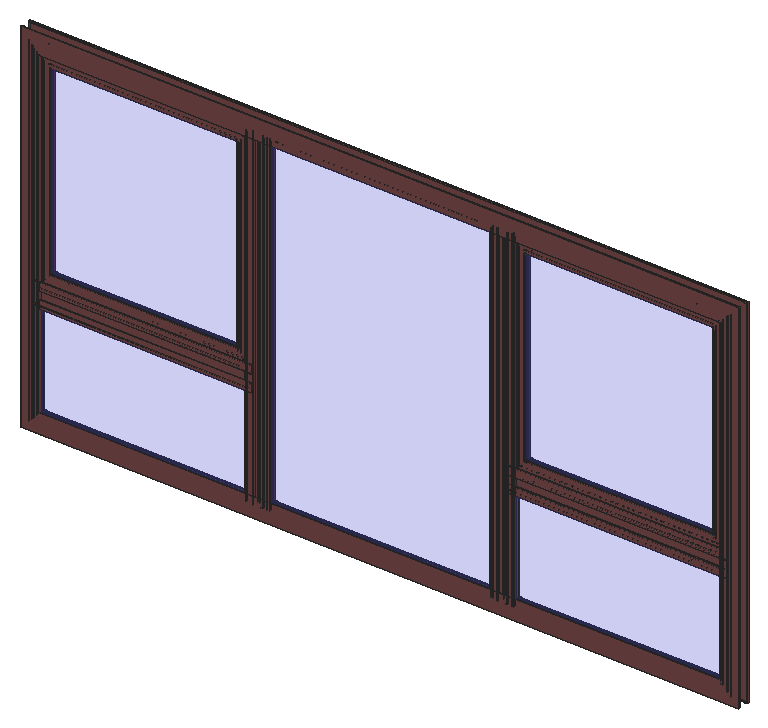
Revit family "PTT, PSS, 189, 1815, 2115, 2415, 1818, 2118, 2418 ", category Windows, host Wall, Revit 2016
Family settings
  Host = Wall
  OmniClass Number = 23.30.20.00
  OmniClass Title = Windows
  Always vertical = Yes
  Cut with Voids When Loaded = No
  Shared = No
  Room Calculation Point = No
Parameters (values of type "PTT Type -189")
  URL = "http://www.robmeg.co.za/"
  Top hung = yes
  Side hung = no
  Rough Height = 1219.2 mm
  Plaster = 5 mm
  Model = "PTT 189"
  Manufacturer = "Robmeg"  # constant formula
  Height = 910 mm
  Glazing = Glass
  Description = "Anodized Aluminium"
  Default Sill Height = 914.4 mm
  Wall Closure = By host
  Width = 1810 mm
  Centre vert mullion = 610 mm
  Centre fixed glass width = 4 mm
  Bottom mullion height = 300 mm
  Bottom fixed glass width = 4 mm
  Author = "Inside"
  Aluminium anodized = Aluminium
Types (8, lengths in mm): name | Top hung | Side hung | Model | Height | Description | Width | Centre fixed glass width | Bottom mullion height | Bottom fixed glass width
  (no name) | yes | no | "PTT 189" | 910 | "Anodized Aluminium" | 1810 | 4 | 300 | 4
  PTT Type -189 | yes | no | "PTT 189" | 910 | "Anodized Aluminium" | 1810 | 4 | 300 | 4
  PSS Type- 1815 | no | yes | "PSS 1815" | 1510 | "Anodized Aluminium" | 1810 | 4 | 300 | 4
  PSS Type- 2115 | no | yes | "PSS 2115" | 1510 | "Anodized Aluminium" | 2110 | 4 | 300 | 4
  PSS Type- 2415 | no | yes | "PSS 2415" | 1510 | "Anodized Aluminium" | 2410 | 4 | 300 | 4
  PSS Type- 1818 | no | yes | "PSS 1818" | 1810 | "Anodized Aluminium" | 1810 | 6 | 605 | 6
  PSS Type- 2118 | no | yes | "PSS 2118" | 1810 | "Anodized Aluminium" | 2110 | 6 | 605 | 6
  PSS Type- 2418 | no | yes | "PSS 2418" | 1810 | "Anodized aluminium" | 2410 | 6 | 605 | 6
Reference planes
  plane 1 "Center (Front/Back)": y = 0
  plane 2: z = 0
  plane 3 "Center (Left/Right)": x = 0
  plane 4 "Left": x = -905
  plane 5 "Right": x = 905
  plane 6 "Sill": z = 914.4
  plane 7 "Top": z = 1824.4
  plane 8: x = -900
  plane 9: z = 1819.4
  plane 10: z = 919.4
  plane 11: x = 900
  plane 12 "Glass start": y = 1
  plane 13 "Glass end": y = -3
  plane 14: z = 1519.4
  plane 15: x = 597.5
  plane 16: x = 290
  plane 17: x = -290
  plane 18: x = -597.5
  plane 19: z = 1214.4
Forms (mm)
  Sweep 1, solid, material "Aluminium" <- "Aluminium anodized"
    path origin (0, 0, 0) x (1, 0, 0) y (0, 0, 1)
      loop
        line (900, 1819.4) -> (-900, 1819.4) -> (-900, 919.4) -> (900, 919.4) -> (900, 1819.4)
    profile "51741 : 51741" origin (0, 0, 1819.4) x (0, 0, -1) y (0, -1, 0)
      loop
        line (26.815, -14.05) -> (20.535, -14.05) -> (20.535, -10.19) -> (21.815, -10.19) -> (21.815, -7.3) -> (19.535, -7.3) -> (19.535, -14.05) -> (1.135, -14.05) -> (1.135, -10.95)
        arc (1.135, -10.95) -> (0.286, -11.301) -> (-0.065, -12.15) r 1.2
        line (-0.065, -12.15) -> (-0.065, -15.25) -> (30.515, -15.25) -> (30.515, -12.384) -> (28.015, -13.827) -> (28.015, 14.05) -> (29.515, 14.05) -> (29.515, 11.75)
        arc (29.515, 11.75) -> (30.015, 11.25) -> (30.515, 11.75) r 0.5
        line (30.515, 11.75) -> (30.515, 14.05) -> (39.515, 14.05) -> (39.515, 11.65) -> (41.896, 11.65) -> (41.896, 12.85) -> (40.715, 12.85) -> (40.715, 14.05) -> (46.215, 14.05) -> (46.215, 12.85) -> (45.215, 12.85) -> (45.215, 11.65) -> (47.415, 11.65) -> (47.415, 15.25) -> (-0.065, 15.25) -> (-0.065, 12.15)
        arc (-0.065, 12.15) -> (0.334, 11.455) -> (1.135, 11.45) r 0.804
        line (1.135, 11.45) -> (1.135, 14.05) -> (19.535, 14.05) -> (19.535, 7.3) -> (21.815, 7.3) -> (21.815, 10.19) -> (20.535, 10.19) -> (20.535, 14.05) -> (26.815, 14.05) -> (26.815, -14.05)
  Sweep 2, solid, material "Aluminium" <- "Aluminium anodized"
    path origin (0, 0, 0) x (1, 0, 0) y (0, 0, 1)
      loop
        line (900, 1819.4) -> (290, 1819.4) -> (290, 1214.4) -> (900, 1214.4) -> (900, 1819.4)
    profile "H10197 : H10197" origin (595, 0, 1819.4) x (0, 0, -1) y (0, -1, 0)
      loop
        line (43.095, 8.408) -> (43.095, -19.692) -> (49.375, -19.692) -> (49.375, -14.812)
        arc (49.375, -14.812) -> (48.125, -13.562) -> (49.375, -12.312) r 1.25
        line (49.375, -12.312) -> (49.375, 1.008)
        arc (49.375, 1.008) -> (48.125, 2.258) -> (49.375, 3.508) r 1.25
        line (49.375, 3.508) -> (49.375, 8.408) -> (43.095, 8.408)
      loop
        line (41.895, 8.128) -> (41.895, -5.218) -> (41.895, -19.692) -> (40.495, -19.692) -> (40.495, -17.512)
        arc (40.495, -17.512) -> (39.995, -17.012) -> (39.495, -17.512) r 0.5
        line (39.495, -17.512) -> (39.495, -19.692) -> (30.495, -19.692) -> (30.495, -17.492) -> (28.345, -17.492)
        arc (28.345, -17.492) -> (27.845, -17.992) -> (28.345, -18.492) r 0.5
        line (28.345, -18.492) -> (29.295, -18.492) -> (29.295, -19.692) -> (23.795, -19.692) -> (23.795, -18.378) -> (24.706, -18.378)
        arc (24.706, -18.378) -> (25.206, -17.878) -> (24.706, -17.378) r 0.5
        line (24.706, -17.378) -> (23.784, -17.378)
        arc (23.784, -17.378) -> (23.137, -16.895) -> (22.595, -17.493) r 0.6
        line (22.595, -17.493) -> (22.595, -20.892) -> (53.175, -20.892) -> (53.175, -18.892)
        arc (53.175, -18.892) -> (51.875, -18.322) -> (50.575, -18.892) r 1.767
        line (50.575, -18.892) -> (50.575, -6.066) -> (50.575, 7.908)
        arc (50.575, 7.908) -> (51.375, 8.708) -> (52.175, 7.908) r 0.8
        line (52.175, 7.908) -> (52.175, 6.228)
        arc (52.175, 6.228) -> (52.675, 5.728) -> (53.175, 6.228) r 0.5
        line (53.175, 6.228) -> (53.175, 8.408) -> (62.175, 8.408) -> (62.175, 6.208) -> (64.325, 6.208)
        arc (64.325, 6.208) -> (64.825, 6.708) -> (64.325, 7.208) r 0.5
        line (64.325, 7.208) -> (63.375, 7.208) -> (63.375, 8.408) -> (68.875, 8.408) -> (68.875, 7.208) -> (67.925, 7.208)
        arc (67.925, 7.208) -> (67.425, 6.708) -> (67.925, 6.208) r 0.5
        line (67.925, 6.208) -> (68.875, 6.208)
        arc (68.875, 6.208) -> (69.474, 5.608) -> (70.075, 6.207) r 0.6
        line (70.075, 6.207) -> (70.075, 9.608) -> (39.495, 9.608) -> (39.495, 6.742) -> (41.895, 8.128)
  Sweep 3, solid, material "Aluminium" <- "Aluminium anodized"
    path origin (0, 0, 0) x (1, 0, 0) y (0, 0, 1)
      loop
        line (290, 1819.4) -> (290, 1214.4) -> (900, 1214.4) -> (900, 1819.4) -> (290, 1819.4)
    profile "glazing gasket : glazing gasket" origin (290, 0, 1516.9) x (1, 0, 0) y (0, -1, 0)
      loop
        line (53.254, -17.23) -> (53.254, -20.244) -> (69.855, -5.509)
        arc (69.855, -5.509) -> (69.76, -4.756) -> (69.092, -5.117) r 0.46
        line (69.092, -5.117) -> (67.564, -6.473) -> (66.198, -4.108) -> (65.274, -4.108) -> (66.736, -6.639) -> (61.74, -6.639) -> (63.22, -4.077) -> (51.988, -4.077) -> (51.988, 8.186) -> (51.188, 8.186) -> (51.188, -4.877) -> (61.834, -4.877) -> (60.355, -7.439) -> (66.475, -7.439) -> (54.054, -18.464) -> (54.054, -15.845) -> (50.954, -17.634) -> (50.954, -18.558) -> (53.254, -17.23)
  Extrusion 4, solid, material "Glass" <- "Glazing"
    sketch origin (0, 0, 914.4) x (0, -1, 0) y (1, 0, 0)
      loop
        line (-1, 344.054) -> (3, 344.054) -> (3, 845.946) -> (-1, 845.946) -> (-1, 344.054)
    from 354.054 to 850.946
  Sweep 5, solid, material "Aluminium" <- "Aluminium anodized"
    path origin (0, 0, 0) x (1, 0, 0) y (0, 0, 1)
      loop
        line (290, 949.915) -> (290, 1788.885)
    profile "H10196 : H10196" origin (290, 0, 1369.4) x (-1, 0, 0) y (0, -1, 0)
      loop
        line (-26.642, -14.247) -> (-6.442, -14.247) -> (-6.442, -4.217)
        arc (-6.442, -4.217) -> (-6.571, -3.479) -> (-7.319, -3.432) r 0.606
        arc (-7.319, -3.432) -> (-9.371, -3.891) -> (-11.294, -3.04) r 3.36
        arc (-11.294, -3.04) -> (-11.351, -1.925) -> (-10.235, -1.868) r 0.79
        arc (-10.235, -1.868) -> (-7.262, -0.547) -> (-10.235, 0.774) r 1.78
        arc (-10.235, 0.774) -> (-11.351, 0.83) -> (-11.294, 1.946) r 0.79
        arc (-11.294, 1.946) -> (-9.49, 2.783) -> (-7.529, 2.453) r 3.36
        arc (-7.529, 2.453) -> (-6.798, 2.484) -> (-6.442, 3.123) r 0.75
        line (-6.442, 3.123) -> (-6.442, 9.653) -> (-26.642, 9.653) -> (-26.642, 3.123)
        arc (-26.642, 3.123) -> (-26.285, 2.484) -> (-25.554, 2.453) r 0.75
        arc (-25.554, 2.453) -> (-23.593, 2.783) -> (-21.789, 1.946) r 3.36
        arc (-21.789, 1.946) -> (-21.733, 0.83) -> (-22.848, 0.774) r 0.79
        arc (-22.848, 0.774) -> (-25.822, -0.547) -> (-22.848, -1.868) r 1.78
        arc (-22.848, -1.868) -> (-21.733, -1.925) -> (-21.789, -3.04) r 0.79
        arc (-21.789, -3.04) -> (-23.593, -3.877) -> (-25.554, -3.548) r 3.36
        arc (-25.554, -3.548) -> (-26.285, -3.579) -> (-26.642, -4.217) r 0.75
        line (-26.642, -4.217) -> (-26.642, -14.247)
      loop
        line (-30.542, -15.547) -> (-2.542, -15.547) -> (-2.542, -12.681) -> (-5.142, -14.182) -> (-5.142, -2.597) -> (-5.942, -1.797) -> (-5.942, 0.903) -> (-5.142, 1.503) -> (-5.142, 13.153)
        arc (-5.142, 13.153) -> (-4.342, 13.653) -> (-3.542, 13.153) r 0.89
        line (-3.542, 13.153) -> (-3.542, 11.653)
        arc (-3.542, 11.653) -> (-3.042, 11.153) -> (-2.542, 11.653) r 0.5
        line (-2.542, 11.653) -> (-2.542, 13.653) -> (6.258, 13.653) -> (6.258, 11.604) -> (8.477, 11.604)
        arc (8.477, 11.604) -> (8.933, 12.012) -> (8.508, 12.453) r 0.425
        line (8.508, 12.453) -> (7.558, 12.453) -> (7.558, 13.653) -> (13.058, 13.653) -> (13.058, 12.453) -> (12.108, 12.453)
        arc (12.108, 12.453) -> (11.683, 12.028) -> (12.108, 11.603) r 0.425
        line (12.108, 11.603) -> (13.058, 11.603)
        arc (13.058, 11.603) -> (13.708, 10.953) -> (14.358, 11.603) r 0.65
        line (14.358, 11.603) -> (14.358, 14.953) -> (-6.442, 14.953) -> (-6.442, 10.953) -> (-26.642, 10.953) -> (-26.642, 14.953) -> (-47.442, 14.953) -> (-47.442, 11.603)
        arc (-47.442, 11.603) -> (-46.792, 10.953) -> (-46.142, 11.603) r 0.65
        line (-46.142, 11.603) -> (-45.192, 11.603)
        arc (-45.192, 11.603) -> (-44.767, 12.028) -> (-45.192, 12.453) r 0.425
        line (-45.192, 12.453) -> (-46.142, 12.453) -> (-46.142, 13.653) -> (-40.642, 13.653) -> (-40.642, 12.453) -> (-41.592, 12.453)
        arc (-41.592, 12.453) -> (-42.016, 12.012) -> (-41.56, 11.604) r 0.425
        line (-41.56, 11.604) -> (-39.342, 11.604) -> (-39.342, 13.653) -> (-30.542, 13.653) -> (-30.542, 11.653)
        arc (-30.542, 11.653) -> (-30.042, 11.153) -> (-29.542, 11.653) r 0.5
        line (-29.542, 11.653) -> (-29.542, 13.153)
        arc (-29.542, 13.153) -> (-28.742, 13.653) -> (-27.942, 13.153) r 0.89
        line (-27.942, 13.153) -> (-27.942, 1.503) -> (-27.142, 0.903) -> (-27.142, -1.997) -> (-27.942, -2.597) -> (-27.942, -14.182) -> (-30.542, -12.681) -> (-30.542, -15.547)
  Extrusion 6, solid, material "Glass" <- "Glazing"
    sketch origin (-540.855, -3, 1219.2) x (-1, 0, 0) y (0, 0, 1)
      loop
        line (-830.855, 568.528) -> (-830.855, -268.128) -> (-249.312, -268.128) -> (-249.312, 568.528) -> (-830.855, 568.528)
    from 0 to -4
  Sweep 7, solid, material "Aluminium" <- "Aluminium anodized"
    path origin (0, 0, 0) x (-1, 0, 0) y (0, 0, 1)
      loop
        line (290, 950.12) -> (290, 1788.68)
    profile "H10196 : H10196" origin (-290, 0, 1369.4) x (-1, 0, 0) y (0, -1, 0)
      loop
        line (26.6, -14.247) -> (26.6, -4.217)
        arc (26.6, -4.217) -> (26.243, -3.579) -> (25.512, -3.548) r 0.75
        arc (25.512, -3.548) -> (23.551, -3.877) -> (21.747, -3.04) r 3.36
        arc (21.747, -3.04) -> (21.691, -1.925) -> (22.807, -1.868) r 0.79
        arc (22.807, -1.868) -> (25.78, -0.547) -> (22.807, 0.774) r 1.78
        arc (22.807, 0.774) -> (21.691, 0.83) -> (21.747, 1.946) r 0.79
        arc (21.747, 1.946) -> (23.551, 2.783) -> (25.512, 2.453) r 3.36
        arc (25.512, 2.453) -> (26.243, 2.484) -> (26.6, 3.123) r 0.75
        line (26.6, 3.123) -> (26.6, 9.653) -> (6.4, 9.653) -> (6.4, 3.123)
        arc (6.4, 3.123) -> (6.757, 2.484) -> (7.488, 2.453) r 0.75
        arc (7.488, 2.453) -> (9.449, 2.783) -> (11.253, 1.946) r 3.36
        arc (11.253, 1.946) -> (11.309, 0.83) -> (10.193, 0.774) r 0.79
        arc (10.193, 0.774) -> (7.22, -0.547) -> (10.193, -1.868) r 1.78
        arc (10.193, -1.868) -> (11.309, -1.925) -> (11.253, -3.04) r 0.79
        arc (11.253, -3.04) -> (9.329, -3.891) -> (7.277, -3.432) r 3.36
        arc (7.277, -3.432) -> (6.53, -3.479) -> (6.4, -4.217) r 0.606
        line (6.4, -4.217) -> (6.4, -14.247) -> (26.6, -14.247)
      loop
        line (30.5, -15.547) -> (30.5, -12.681) -> (27.9, -14.182) -> (27.9, -2.597) -> (27.1, -1.997) -> (27.1, 0.903) -> (27.9, 1.503) -> (27.9, 13.153)
        arc (27.9, 13.153) -> (28.7, 13.653) -> (29.5, 13.153) r 0.89
        line (29.5, 13.153) -> (29.5, 11.653)
        arc (29.5, 11.653) -> (30, 11.153) -> (30.5, 11.653) r 0.5
        line (30.5, 11.653) -> (30.5, 13.653) -> (39.3, 13.653) -> (39.3, 11.604) -> (41.518, 11.604)
        arc (41.518, 11.604) -> (41.975, 12.012) -> (41.55, 12.453) r 0.425
        line (41.55, 12.453) -> (40.6, 12.453) -> (40.6, 13.653) -> (46.1, 13.653) -> (46.1, 12.453) -> (45.15, 12.453)
        arc (45.15, 12.453) -> (44.725, 12.028) -> (45.15, 11.603) r 0.425
        line (45.15, 11.603) -> (46.1, 11.603)
        arc (46.1, 11.603) -> (46.75, 10.953) -> (47.4, 11.603) r 0.65
        line (47.4, 11.603) -> (47.4, 14.953) -> (26.6, 14.953) -> (26.6, 10.953) -> (6.4, 10.953) -> (6.4, 14.953) -> (-14.4, 14.953) -> (-14.4, 11.603)
        arc (-14.4, 11.603) -> (-13.75, 10.953) -> (-13.1, 11.603) r 0.65
        line (-13.1, 11.603) -> (-12.15, 11.603)
        arc (-12.15, 11.603) -> (-11.725, 12.028) -> (-12.15, 12.453) r 0.425
        line (-12.15, 12.453) -> (-13.1, 12.453) -> (-13.1, 13.653) -> (-7.6, 13.653) -> (-7.6, 12.453) -> (-8.55, 12.453)
        arc (-8.55, 12.453) -> (-8.975, 12.012) -> (-8.518, 11.604) r 0.425
        line (-8.518, 11.604) -> (-6.3, 11.604) -> (-6.3, 13.653) -> (2.5, 13.653) -> (2.5, 11.653)
        arc (2.5, 11.653) -> (3, 11.153) -> (3.5, 11.653) r 0.5
        line (3.5, 11.653) -> (3.5, 13.153)
        arc (3.5, 13.153) -> (4.3, 13.653) -> (5.1, 13.153) r 0.89
        line (5.1, 13.153) -> (5.1, 1.503) -> (5.9, 0.903) -> (5.9, -1.797) -> (5.1, -2.597) -> (5.1, -14.182) -> (2.5, -12.681) -> (2.5, -15.547) -> (30.5, -15.547)
  Sweep 8, solid, material "Aluminium" <- "Aluminium anodized"
    path origin (0, 0, 0) x (-1, 0, 0) y (0, 0, 1)
      loop
        line (900, 1819.4) -> (290, 1819.4) -> (290, 1214.4) -> (900, 1214.4) -> (900, 1819.4)
    profile "H10197 : H10197" origin (-595, 0, 1819.4) x (0, 0, 1) y (0, -1, 0)
      loop
        line (-43.084, 9.466) -> (-49.364, 9.466) -> (-49.364, 4.566)
        arc (-49.364, 4.566) -> (-48.114, 3.316) -> (-49.364, 2.066) r 1.25
        line (-49.364, 2.066) -> (-49.364, -11.254)
        arc (-49.364, -11.254) -> (-48.114, -12.504) -> (-49.364, -13.754) r 1.25
        line (-49.364, -13.754) -> (-49.364, -18.634) -> (-43.084, -18.634) -> (-43.084, 9.466)
      loop
        line (-41.884, 9.185) -> (-39.484, 7.8) -> (-39.484, 10.666) -> (-70.064, 10.666) -> (-70.064, 7.265)
        arc (-70.064, 7.265) -> (-69.464, 6.666) -> (-68.864, 7.266) r 0.6
        line (-68.864, 7.266) -> (-67.914, 7.266)
        arc (-67.914, 7.266) -> (-67.414, 7.766) -> (-67.914, 8.266) r 0.5
        line (-67.914, 8.266) -> (-68.864, 8.266) -> (-68.864, 9.466) -> (-63.364, 9.466) -> (-63.364, 8.266) -> (-64.314, 8.266)
        arc (-64.314, 8.266) -> (-64.814, 7.766) -> (-64.314, 7.266) r 0.5
        line (-64.314, 7.266) -> (-62.164, 7.266) -> (-62.164, 9.466) -> (-53.164, 9.466) -> (-53.164, 7.286)
        arc (-53.164, 7.286) -> (-52.664, 6.786) -> (-52.164, 7.286) r 0.5
        line (-52.164, 7.286) -> (-52.164, 8.966)
        arc (-52.164, 8.966) -> (-51.364, 9.766) -> (-50.564, 8.966) r 0.8
        line (-50.564, 8.966) -> (-50.564, -5.009) -> (-50.564, -17.834)
        arc (-50.564, -17.834) -> (-51.864, -17.264) -> (-53.164, -17.834) r 1.767
        line (-53.164, -17.834) -> (-53.164, -19.834) -> (-22.584, -19.834) -> (-22.584, -16.435)
        arc (-22.584, -16.435) -> (-23.127, -15.837) -> (-23.774, -16.32) r 0.6
        line (-23.774, -16.32) -> (-24.695, -16.32)
        arc (-24.695, -16.32) -> (-25.195, -16.82) -> (-24.695, -17.32) r 0.5
        line (-24.695, -17.32) -> (-23.784, -17.32) -> (-23.784, -18.634) -> (-29.284, -18.634) -> (-29.284, -17.434) -> (-28.334, -17.434)
        arc (-28.334, -17.434) -> (-27.834, -16.934) -> (-28.334, -16.434) r 0.5
        line (-28.334, -16.434) -> (-30.484, -16.434) -> (-30.484, -18.634) -> (-39.484, -18.634) -> (-39.484, -16.454)
        arc (-39.484, -16.454) -> (-39.984, -15.954) -> (-40.484, -16.454) r 0.5
        line (-40.484, -16.454) -> (-40.484, -18.634) -> (-41.884, -18.634) -> (-41.884, -4.16) -> (-41.884, 9.185)
  Sweep 9, solid, material "Aluminium" <- "Aluminium anodized"
    path origin (0, 0, 0) x (-1, 0, 0) y (0, 0, 1)
      loop
        line (290, 1819.4) -> (290, 1214.4) -> (900, 1214.4) -> (900, 1819.4) -> (290, 1819.4)
    profile "glazing gasket : glazing gasket" origin (-290, 0, 1516.9) x (1, 0, 0) y (0, -1, 0)
      loop
        line (-53.112, -16.012) -> (-50.812, -17.34) -> (-50.812, -16.416) -> (-53.912, -14.626) -> (-53.912, -17.246) -> (-66.334, -6.221) -> (-60.213, -6.221) -> (-61.693, -3.658) -> (-51.047, -3.658) -> (-51.047, 9.404) -> (-51.847, 9.404) -> (-51.847, -2.858) -> (-63.078, -2.858) -> (-61.599, -5.421) -> (-66.594, -5.421) -> (-65.133, -2.889) -> (-66.057, -2.889) -> (-67.422, -5.255) -> (-68.95, -3.899)
        arc (-68.95, -3.899) -> (-69.618, -3.538) -> (-69.713, -4.291) r 0.46
        line (-69.713, -4.291) -> (-53.112, -19.026) -> (-53.112, -16.012)
  Sweep 10, solid, material "Aluminium" <- "Aluminium anodized"
    path origin (0, 0, 0) x (1, 0, 0) y (0, 0, 1)
      loop
        line (-283.7, 1779.885) -> (-283.7, 958.915) -> (283.742, 958.915) -> (283.742, 1779.885) -> (-283.7, 1779.885)
    profile "glazing gasket : glazing gasket" origin (-283.7, 0, 1369.4) x (1, 0, 0) y (0, -1, 0)
      loop
        line (-8.643, -12.444) -> (-8.643, -15.457) -> (7.958, -0.723)
        arc (7.958, -0.723) -> (7.863, 0.031) -> (7.195, -0.33) r 0.46
        line (7.195, -0.33) -> (5.667, -1.687) -> (4.302, 0.679) -> (3.378, 0.679) -> (4.839, -1.853) -> (-0.156, -1.853) -> (1.323, 0.71) -> (-9.908, 0.71) -> (-9.908, 12.973) -> (-10.708, 12.973) -> (-10.708, -0.09) -> (-0.062, -0.09) -> (-1.542, -2.653) -> (4.579, -2.653) -> (-7.843, -13.678) -> (-7.843, -11.058) -> (-10.943, -12.848) -> (-10.943, -13.771) -> (-8.643, -12.444)
  Extrusion 11, solid, material "Glass" <- "Glazing"
    sketch origin (0, 0, 914.4) x (0, -1, 0) y (1, 0, 0)
      loop
        line (-1, -343.912) -> (-1, -846.088) -> (3, -846.088) -> (3, -343.912) -> (-1, -343.912)
    from 353.912 to 851.088
  Sweep 12, solid, material "Aluminium" <- "Aluminium anodized"
    path origin (0, 0, 0) x (1, 0, 0) y (0, 0, 1)
      loop
        line (869.485, 1214.4) -> (320.542, 1214.4)
    profile "H10196 : H10196" origin (595.013, 0, 1214.4) x (0, 0, -1) y (0, -1, 0)
      loop
        line (-26.867, -13.968) -> (-6.667, -13.968) -> (-6.667, -3.938)
        arc (-6.667, -3.938) -> (-6.796, -3.2) -> (-7.544, -3.153) r 0.606
        arc (-7.544, -3.153) -> (-9.596, -3.612) -> (-11.52, -2.761) r 3.36
        arc (-11.52, -2.761) -> (-11.576, -1.645) -> (-10.46, -1.589) r 0.79
        arc (-10.46, -1.589) -> (-7.487, -0.268) -> (-10.46, 1.053) r 1.78
        arc (-10.46, 1.053) -> (-11.576, 1.109) -> (-11.52, 2.225) r 0.79
        arc (-11.52, 2.225) -> (-9.716, 3.062) -> (-7.755, 2.732) r 3.36
        arc (-7.755, 2.732) -> (-7.024, 2.763) -> (-6.667, 3.402) r 0.75
        line (-6.667, 3.402) -> (-6.667, 9.932) -> (-26.867, 9.932) -> (-26.867, 3.402)
        arc (-26.867, 3.402) -> (-26.51, 2.763) -> (-25.779, 2.732) r 0.75
        arc (-25.779, 2.732) -> (-23.818, 3.062) -> (-22.014, 2.225) r 3.36
        arc (-22.014, 2.225) -> (-21.958, 1.109) -> (-23.074, 1.053) r 0.79
        arc (-23.074, 1.053) -> (-26.047, -0.268) -> (-23.074, -1.589) r 1.78
        arc (-23.074, -1.589) -> (-21.958, -1.645) -> (-22.014, -2.761) r 0.79
        arc (-22.014, -2.761) -> (-23.818, -3.598) -> (-25.779, -3.268) r 3.36
        arc (-25.779, -3.268) -> (-26.51, -3.299) -> (-26.867, -3.938) r 0.75
        line (-26.867, -3.938) -> (-26.867, -13.968)
      loop
        line (-30.767, -15.268) -> (-2.767, -15.268) -> (-2.767, -12.402) -> (-5.367, -13.903) -> (-5.367, -2.318) -> (-6.167, -1.518) -> (-6.167, 1.182) -> (-5.367, 1.782) -> (-5.367, 13.432)
        arc (-5.367, 13.432) -> (-4.567, 13.932) -> (-3.767, 13.432) r 0.89
        line (-3.767, 13.432) -> (-3.767, 11.932)
        arc (-3.767, 11.932) -> (-3.267, 11.432) -> (-2.767, 11.932) r 0.5
        line (-2.767, 11.932) -> (-2.767, 13.932) -> (6.033, 13.932) -> (6.033, 11.883) -> (8.251, 11.883)
        arc (8.251, 11.883) -> (8.708, 12.291) -> (8.283, 12.732) r 0.425
        line (8.283, 12.732) -> (7.333, 12.732) -> (7.333, 13.932) -> (12.833, 13.932) -> (12.833, 12.732) -> (11.883, 12.732)
        arc (11.883, 12.732) -> (11.458, 12.307) -> (11.883, 11.882) r 0.425
        line (11.883, 11.882) -> (12.833, 11.882)
        arc (12.833, 11.882) -> (13.483, 11.232) -> (14.133, 11.882) r 0.65
        line (14.133, 11.882) -> (14.133, 15.232) -> (-6.667, 15.232) -> (-6.667, 11.232) -> (-26.867, 11.232) -> (-26.867, 15.232) -> (-47.667, 15.232) -> (-47.667, 11.882)
        arc (-47.667, 11.882) -> (-47.017, 11.232) -> (-46.367, 11.882) r 0.65
        line (-46.367, 11.882) -> (-45.417, 11.882)
        arc (-45.417, 11.882) -> (-44.992, 12.307) -> (-45.417, 12.732) r 0.425
        line (-45.417, 12.732) -> (-46.367, 12.732) -> (-46.367, 13.932) -> (-40.867, 13.932) -> (-40.867, 12.732) -> (-41.817, 12.732)
        arc (-41.817, 12.732) -> (-42.242, 12.291) -> (-41.785, 11.883) r 0.425
        line (-41.785, 11.883) -> (-39.567, 11.883) -> (-39.567, 13.932) -> (-30.767, 13.932) -> (-30.767, 11.932)
        arc (-30.767, 11.932) -> (-30.267, 11.432) -> (-29.767, 11.932) r 0.5
        line (-29.767, 11.932) -> (-29.767, 13.432)
        arc (-29.767, 13.432) -> (-28.967, 13.932) -> (-28.167, 13.432) r 0.89
        line (-28.167, 13.432) -> (-28.167, 1.782) -> (-27.367, 1.182) -> (-27.367, -1.718) -> (-28.167, -2.318) -> (-28.167, -13.903) -> (-30.767, -12.402) -> (-30.767, -15.268)
  Sweep 13, solid, material "Aluminium" <- "Aluminium anodized"
    path origin (0, 0, 0) x (1, 0, 0) y (0, 0, 1)
      loop
        line (860.485, 1208.367) -> (329.342, 1208.367) -> (329.342, 958.915) -> (860.485, 958.915) -> (860.485, 1208.367)
    profile "glazing gasket : glazing gasket" origin (594.913, 0, 1208.367) x (0, 0, -1) y (0, -1, 0)
      loop
        line (-8.737, -12.068) -> (-8.737, -15.082) -> (7.864, -0.347)
        arc (7.864, -0.347) -> (7.769, 0.406) -> (7.101, 0.045) r 0.46
        line (7.101, 0.045) -> (5.573, -1.311) -> (4.208, 1.054) -> (3.284, 1.054) -> (4.745, -1.477) -> (-0.25, -1.477) -> (1.229, 1.085) -> (-10.002, 1.085) -> (-10.002, 13.348) -> (-10.802, 13.348) -> (-10.802, 0.285) -> (-0.156, 0.285) -> (-1.636, -2.277) -> (4.485, -2.277) -> (-7.937, -13.302) -> (-7.937, -10.683) -> (-11.037, -12.472) -> (-11.037, -13.396) -> (-8.737, -12.068)
  Extrusion 14, solid, material "Glass" <- "Glazing"
    sketch origin (-540.855, -3, 1219.2) x (-1, 0, 0) y (0, 0, 1)
      loop
        line (-1409.277, -2.896) -> (-1409.277, -268.222) -> (-861.397, -268.222) -> (-861.397, -2.896) -> (-1409.277, -2.896)
    from 0 to -4
  Sweep 15, solid, material "Aluminium" <- "Aluminium anodized"
    path origin (0, 0, 0) x (1, 0, 0) y (0, 0, 1)
      loop
        line (-320.5, 1214.4) -> (-871.985, 1214.4)
    profile "H10196 : H10196" origin (-596.243, 0, 1214.4) x (0, 0, -1) y (0, -1, 0)
      loop
        line (-26.696, -13.973) -> (-6.496, -13.973) -> (-6.496, -3.943)
        arc (-6.496, -3.943) -> (-6.626, -3.205) -> (-7.373, -3.158) r 0.606
        arc (-7.373, -3.158) -> (-9.426, -3.617) -> (-11.349, -2.766) r 3.36
        arc (-11.349, -2.766) -> (-11.405, -1.65) -> (-10.289, -1.594) r 0.79
        arc (-10.289, -1.594) -> (-7.316, -0.273) -> (-10.289, 1.048) r 1.78
        arc (-10.289, 1.048) -> (-11.405, 1.104) -> (-11.349, 2.22) r 0.79
        arc (-11.349, 2.22) -> (-9.545, 3.057) -> (-7.584, 2.728) r 3.36
        arc (-7.584, 2.728) -> (-6.853, 2.759) -> (-6.496, 3.397) r 0.75
        line (-6.496, 3.397) -> (-6.496, 9.927) -> (-26.696, 9.927) -> (-26.696, 3.397)
        arc (-26.696, 3.397) -> (-26.339, 2.759) -> (-25.609, 2.728) r 0.75
        arc (-25.609, 2.728) -> (-23.648, 3.057) -> (-21.844, 2.22) r 3.36
        arc (-21.844, 2.22) -> (-21.787, 1.104) -> (-22.903, 1.048) r 0.79
        arc (-22.903, 1.048) -> (-25.876, -0.273) -> (-22.903, -1.594) r 1.78
        arc (-22.903, -1.594) -> (-21.787, -1.65) -> (-21.844, -2.766) r 0.79
        arc (-21.844, -2.766) -> (-23.648, -3.603) -> (-25.609, -3.273) r 3.36
        arc (-25.609, -3.273) -> (-26.339, -3.304) -> (-26.696, -3.943) r 0.75
        line (-26.696, -3.943) -> (-26.696, -13.973)
      loop
        line (-30.596, -15.273) -> (-2.596, -15.273) -> (-2.596, -12.407) -> (-5.196, -13.908) -> (-5.196, -2.323) -> (-5.996, -1.523) -> (-5.996, 1.177) -> (-5.196, 1.777) -> (-5.196, 13.427)
        arc (-5.196, 13.427) -> (-4.396, 13.927) -> (-3.596, 13.427) r 0.89
        line (-3.596, 13.427) -> (-3.596, 11.927)
        arc (-3.596, 11.927) -> (-3.096, 11.427) -> (-2.596, 11.927) r 0.5
        line (-2.596, 11.927) -> (-2.596, 13.927) -> (6.204, 13.927) -> (6.204, 11.878) -> (8.422, 11.878)
        arc (8.422, 11.878) -> (8.879, 12.286) -> (8.454, 12.727) r 0.425
        line (8.454, 12.727) -> (7.504, 12.727) -> (7.504, 13.927) -> (13.004, 13.927) -> (13.004, 12.727) -> (12.054, 12.727)
        arc (12.054, 12.727) -> (11.629, 12.302) -> (12.054, 11.877) r 0.425
        line (12.054, 11.877) -> (13.004, 11.877)
        arc (13.004, 11.877) -> (13.654, 11.227) -> (14.304, 11.877) r 0.65
        line (14.304, 11.877) -> (14.304, 15.227) -> (-6.496, 15.227) -> (-6.496, 11.227) -> (-26.696, 11.227) -> (-26.696, 15.227) -> (-47.496, 15.227) -> (-47.496, 11.877)
        arc (-47.496, 11.877) -> (-46.846, 11.227) -> (-46.196, 11.877) r 0.65
        line (-46.196, 11.877) -> (-45.246, 11.877)
        arc (-45.246, 11.877) -> (-44.821, 12.302) -> (-45.246, 12.727) r 0.425
        line (-45.246, 12.727) -> (-46.196, 12.727) -> (-46.196, 13.927) -> (-40.696, 13.927) -> (-40.696, 12.727) -> (-41.646, 12.727)
        arc (-41.646, 12.727) -> (-42.071, 12.286) -> (-41.615, 11.878) r 0.425
        line (-41.615, 11.878) -> (-39.396, 11.878) -> (-39.396, 13.927) -> (-30.596, 13.927) -> (-30.596, 11.927)
        arc (-30.596, 11.927) -> (-30.096, 11.427) -> (-29.596, 11.927) r 0.5
        line (-29.596, 11.927) -> (-29.596, 13.427)
        arc (-29.596, 13.427) -> (-28.796, 13.927) -> (-27.996, 13.427) r 0.89
        line (-27.996, 13.427) -> (-27.996, 1.777) -> (-27.196, 1.177) -> (-27.196, -1.723) -> (-27.996, -2.323) -> (-27.996, -13.908) -> (-30.596, -12.407) -> (-30.596, -15.273)
  Sweep 16, solid, material "Aluminium" <- "Aluminium anodized"
    path origin (0, 0, 0) x (1, 0, 0) y (0, 0, 1)
      loop
        line (-329.3, 1208.196) -> (-860.485, 1208.196) -> (-860.485, 958.915) -> (-329.3, 958.915) -> (-329.3, 1208.196)
    profile "glazing gasket : glazing gasket" origin (-594.893, 0, 1208.196) x (0, 0, -1) y (0, -1, 0)
      loop
        line (-8.654, -12.179) -> (-8.654, -15.192) -> (7.947, -0.458)
        arc (7.947, -0.458) -> (7.852, 0.296) -> (7.184, -0.065) r 0.46
        line (7.184, -0.065) -> (5.656, -1.422) -> (4.29, 0.944) -> (3.366, 0.944) -> (4.828, -1.587) -> (-0.168, -1.587) -> (1.312, 0.975) -> (-9.92, 0.975) -> (-9.92, 13.238) -> (-10.72, 13.238) -> (-10.72, 0.175) -> (-0.074, 0.175) -> (-1.553, -2.387) -> (4.567, -2.387) -> (-7.854, -13.413) -> (-7.854, -10.793) -> (-10.954, -12.583) -> (-10.954, -13.506) -> (-8.654, -12.179)
  Extrusion 17, solid, material "Glass" <- "Glazing"
    sketch origin (-540.855, -3, 1219.2) x (-1, 0, 0) y (0, 0, 1)
      loop
        line (-219.409, -3.15) -> (-219.409, -268.139) -> (327.485, -268.139) -> (327.485, -3.15) -> (-219.409, -3.15)
    from 0 to -4
Lines and regions (mm)
  Opening 1
    outline origin (-1524, -76.2, 0) x (1, 0, 0) y (0, 0, 1)
      loop
        line (619, 1824.4) -> (619, 914.4) -> (2429, 914.4) -> (2429, 1824.4) -> (619, 1824.4)
  symbolic lines, style "Elevation Swing", visible <- "Top hung"
    curve 1: line (877.426, 0, 1796.826) -> (595, 0, 1236.995)
    curve 2: line (595, 0, 1236.995) -> (312.574, 0, 1796.826)
    curve 5: line (-312.584, 0, 1796.816) -> (-595, 0, 1236.984)
    curve 6: line (-595, 0, 1236.984) -> (-877.416, 0, 1796.783)
  symbolic lines, style "Elevation Swing", visible <- "Side hung"
    curve 3: line (877.426, 0, 1796.826) -> (292.536, 0, 1523.55)
    curve 4: line (292.536, 0, 1523.55) -> (877.405, 0, 1236.995)
    curve 7: line (-877.416, 0, 1796.783) -> (-292.5, 0, 1519.4)
    curve 8: line (-292.5, 0, 1519.4) -> (-876.226, 0, 1238.174)
Text (mm)
  text "EXTERIOR" at (-1490.695, 1293.036, 0), in view "Ref. Level"
  text "INTERIOR" at (-1490.695, -959.266, 0), in view "Ref. Level"
  text "Exterior" at (0, 1108.87, 3129.179), in view "Left"
  text "Exterior" at (0, 464.664, 3176.206), in view "Right"
Dimensions and locks
  equal spacing: plane 4 "Left", plane 3 "Center (Left/Right)", plane 5 "Right"
  "Width": plane 4 "Left" to plane 5 "Right"
  "Height": plane 6 "Sill" to plane 7 "Top"
  "Default Sill Height": plane 2 to plane 6 "Sill"
  "Plaster": plane 9 to plane 7 "Top"
  "Plaster": plane 6 "Sill" to plane 10
  "Plaster": plane 11 to plane 5 "Right"
  "Plaster": plane 4 "Left" to plane 8
  equal spacing: plane 19, plane 14, plane 7 "Top"
  "Centre vert mullion": plane 16 to plane 11
  equal spacing: plane 16, plane 15, plane 5 "Right"
  equal spacing: plane 17, plane 18, plane 4 "Left"
  "Centre vert mullion": plane 17 to plane 8
  "Bottom mullion height": plane 6 "Sill" to plane 19
  "Bottom fixed glass width": Extrusion 14 to Extrusion 14
  "Bottom fixed glass width": Extrusion 17 to Extrusion 17
  "Centre fixed glass width": Extrusion 6 to Extrusion 6
  aligned and locked: plane 7 "Top" to Opening 1 sketch curve
  aligned and locked: plane 6 "Sill" to Opening 1 sketch curve  (x2)
  aligned and locked: plane 5 "Right" to Opening 1 sketch curve
  aligned and locked: plane 4 "Left" to Opening 1 sketch curve
  aligned and locked: level to plane 2
  aligned and locked: Sweep 1 sketch curve to plane 9
  aligned and locked: plane 11 to Sweep 1 sketch curve
  aligned and locked: Sweep 1 sketch curve to plane 10
  aligned and locked: plane 8 to Sweep 1 sketch curve
  aligned and locked: Sweep 2 sketch curve to plane 9
  aligned and locked: plane 11 to Sweep 2 sketch curve
  aligned and locked: Sweep 3 sketch curve to plane 9
  aligned and locked: plane 11 to Sweep 3 sketch curve
  aligned and locked: plane 12 "Glass start" to Extrusion 4 sketch curve
  aligned and locked: Extrusion 4 sketch curve to plane 13 "Glass end"
  aligned and locked: Sweep 3 to Extrusion 4 sketch curve
  aligned and locked: Extrusion 4 sketch curve to Sweep 3
  aligned and locked: Extrusion 4 to Sweep 3
  aligned and locked: Sweep 3 to Extrusion 4
  aligned and locked: Sweep 1 to Sweep 5 sketch curve  (x2)
  aligned and locked: Sweep 5 sketch curve to plane 16
  aligned and locked: Sweep 2 sketch curve to plane 16
  aligned and locked: Sweep 3 sketch curve to plane 16
  aligned and locked: Extrusion 6 to plane 16
  aligned and locked: plane 17 to Sweep 7 sketch curve
  aligned and locked: Sweep 9 sketch curve to plane 9
  aligned and locked: Sweep 9 sketch curve to plane 17
  aligned and locked: plane 8 to Sweep 9 sketch curve
  aligned and locked: Sweep 7 to Sweep 10 sketch curve
  aligned and locked: Sweep 1 to Sweep 10 sketch curve  (x2)
  aligned and locked: Sweep 5 to Sweep 10 sketch curve
  aligned and locked: Sweep 10 to Extrusion 6  (x2)
  aligned and locked: Extrusion 6 to Sweep 10
  aligned and locked: Extrusion 11 sketch curve to plane 13 "Glass end"
  aligned and locked: plane 12 "Glass start" to Extrusion 11 sketch curve
  aligned and locked: Extrusion 11 sketch curve to Sweep 9
  aligned and locked: Sweep 9 to Extrusion 11 sketch curve
  aligned and locked: Extrusion 11 to Sweep 9
  aligned and locked: Sweep 9 to Extrusion 11
  aligned and locked: plane 19 to Sweep 2 sketch curve
  aligned and locked: Sweep 3 sketch curve to plane 19
  aligned and locked: Sweep 8 sketch curve to plane 19
  aligned and locked: Sweep 9 sketch curve to plane 19
  aligned and locked: plane 19 to Sweep 12 sketch curve
  aligned and locked: Sweep 1 to Sweep 12 sketch curve
  aligned and locked: Sweep 5 to Sweep 12 sketch curve
  aligned and locked: Sweep 12 to Sweep 13 sketch curve
  aligned and locked: Sweep 13 sketch curve to Sweep 1
  aligned and locked: Sweep 1 to Sweep 13 sketch curve
  aligned and locked: Sweep 5 to Sweep 13 sketch curve
  aligned and locked: Sweep 13 to Extrusion 14
  aligned and locked: Extrusion 14 to Sweep 13  (x2)
  aligned and locked: Extrusion 14 to Sweep 5
  aligned and locked: plane 19 to Sweep 15 sketch curve
  aligned and locked: Sweep 1 to Sweep 15 sketch curve
  aligned and locked: Sweep 7 to Sweep 15 sketch curve
  aligned and locked: Sweep 15 to Sweep 16 sketch curve
  aligned and locked: Sweep 7 to Sweep 16 sketch curve
  aligned and locked: Sweep 16 sketch curve to Sweep 1
  aligned and locked: Sweep 1 to Sweep 16 sketch curve
  aligned and locked: Extrusion 17 to Sweep 16  (x3)
  aligned and locked: Sweep 16 to Extrusion 17
Automatic sketch dimensions
  plane 16 to Extrusion 6 sketch curve = 0 mm
  Extrusion 6 sketch curve to plane 17 = 1.543 mm
  plane 10 to Extrusion 6 sketch curve = 31.672 mm
  Extrusion 6 sketch curve to plane 9 = 31.672 mm
  Sweep 7 sketch curve to plane 10 = 30.72 mm
  plane 9 to Sweep 7 sketch curve = 30.72 mm
  Sweep 2 sketch curve to plane 16 = 0 mm
  Sweep 8 sketch curve to plane 9 = 0 mm
  Sweep 8 sketch curve to plane 17 = 0 mm
  plane 8 to Sweep 8 sketch curve = 0 mm
  curve 8 to plane 14 = 0 mm
  curve 7 to plane 8 = 22.584 mm
  curve 5 to plane 18 = 2.5 mm
  curve 8 to plane 17 = 2.5 mm
  curve 3 to plane 16 = 2.536 mm
  plane 15 to curve 2 = 2.5 mm
  plane 11 to curve 1 = 22.574 mm
  plane 19 to curve 1 = 22.595 mm
  plane 19 to curve 5 = 22.584 mm
  plane 14 to curve 3 = 4.15 mm
  curve 6 to plane 9 = 22.617 mm
  curve 1 to plane 9 = 22.574 mm
  curve 8 to plane 8 = 23.774 mm
  curve 5 to plane 17 = 22.584 mm
  curve 2 to plane 16 = 22.574 mm
  plane 11 to curve 4 = 22.595 mm
  plane 19 to curve 8 = 23.774 mm
  plane 19 to curve 4 = 22.595 mm
  curve 5 to plane 9 = 22.584 mm
  curve 2 to plane 9 = 22.574 mm
  plane 11 to Extrusion 14 sketch curve = 31.578 mm
  Extrusion 14 sketch curve to plane 16 = 30.542 mm
  plane 10 to Extrusion 14 sketch curve = 31.578 mm
  plane 19 to Extrusion 14 sketch curve = 1.904 mm
  Extrusion 17 sketch curve to plane 17 = 31.446 mm
  Extrusion 17 sketch curve to plane 8 = 31.661 mm
  plane 10 to Extrusion 17 sketch curve = 31.661 mm
  plane 19 to Extrusion 17 sketch curve = 1.65 mm
